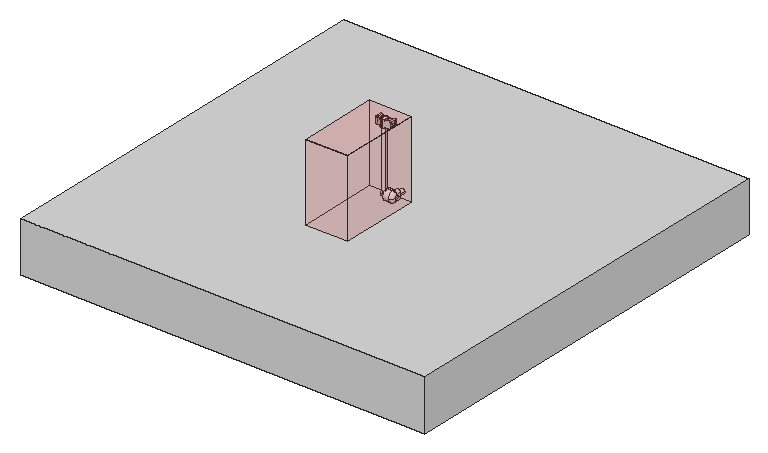
Revit family "Eyewash-Bradley_Corp-Wall_Drop_Down-S19274HWB", category Plumbing Fixtures, host Face, Revit 2022
Family settings
  Host = Face
  Round Connector Dimension = Use Radius
  Part Type = Normal
  OmniClass Number = 23.65.00.00
  OmniClass Title = Supply and Distribution of Liquids and Gases
  Cut with Voids When Loaded = No
  Maintain Annotation Orientation = No
  Shared = No
  Room Calculation Point = No
Parameters (values of type "S19274HWB")
  Width = 7 9/16"
  Waste Connection Radius = 5/8"
  Warranty Information = "Full, One-Year Warranty"
  WFU = 0
  Version = "1.0"
  URL = "http://www.bradleycorp.com/"
  Technical Data = "n/a"
  Specifications URL = "https://www.bradleycorp.com/mediamanager/view/20203/CSI-3-Part-Specification-Guideline-Section-224500.02.pdf"
  Product Tech Data URL - Spanish = "https://www.bradleycorp.com/mediamanager/view/11680/Bradley_EyeFaceWash_S19274HDB_HWB_JDB_JWB_Spanish.pdf"
  Product Tech Data URL - English = "https://www.bradleycorp.com/mediamanager/view/10525/Bradley_EyeFaceWash_S19274HDB_HWB_JDB_JWB.pdf"
  Product Page URL = "https://www.bradleycorp.com/product/barrier-free-wall-mount-swing-down-halo-eyewash"
  Percentage of Recycled Content = 0
  Navigator EFX8 Emergency Thermostatic Mixing Valve = no
  Mounting Height = 0"
  Modeling Code = ""
  Model = "S19274HWB"
  Material Note = "n/a"
  Material = ""
  MasterFormat Title = "Eye/Face Wash Equipment"
  MasterFormat Number = "22.45.26"
  Manufacturer Installation URL - English = "https://www.bradleycorp.com/mediamanager/view/10531/Barrier_Free_Swing-Down_Eyewash_and_Eye-Face_Wash_Units_Wall_and_Deck_Mount.pdf"
  Manufacturer = "Bradley Corporation"
  Length = 11"
  LEED Credit = ""
  Industry Standards = "ANSI Z358.1-2009, cUPC"
  Height = 7"
  Fire Rating = "n/a"
  Eyewash On [instance] = no
  Eyewash Off [instance] = yes
  Description = "Wall-Mount Swing-Down Halo Eyewash Unit"
  Default Elevation = 36"
  Copyright = "This Model Data is Property of Bradley Corporation"
  Cold Water Connection Radius = Cold Water Connection Diameter / 2  # 1/4"
  Cold Water Connection Diameter = 1/2"
  Fixture Material = Metal - Bradley Corp - Chrome
  Clearance Material [instance] = Clearance Space-Bradley Corp
  CWFU = 0
  Buy American Act = "TBD"
  Pipe Fitting Material = Metal - Bradley Corp - Chrome
  Barrier-Free = "No"
  Assembly Code = "D2010710"
Reference planes (in)
  plane 1 "Center (Front/Back)": y = 0
  plane 2: z = 0
  plane 3 "Center (Left/Right)": x = 0
  plane 4 "LEVER": x = 1.5
  plane 5 "Inlet": x = 2.25
  plane 6 "Eyewash_Head_Height": z = 2.375
  plane 7 "Valve_Center": z = 1.1875
  plane 8: z = 0
  plane 9: z = 0
  plane 10 "Head_Center_Off": z = 16.3125
  plane 11: y = 1.1875
  plane 12 "Head_Center": y = -15.125
  plane 13 "Center L/S": y = -17.125
Forms (in)
  Extrusion 1, solid, material "Default"
    sketch origin (0, 0, 0) x (1, 0, 0) y (0, 1, 0)
      loop
        line (-48, 48) -> (-48, -48) -> (48, -48) -> (48, 48) -> (-48, 48)
    from 0 to -12
  Extrusion 2, solid, material "Metal - Bradley Corp - Chrome" <- "Pipe Fitting Material", detail levels medium+fine
    sketch origin (0.11867, 31.09684, 3.58243) x (0, 0, 1) y (0, -1, 0)
      loop
        circle (-2.39493, 31.09684) r 1.1875
    from 0.54533 to 1.90933
  Extrusion 3, solid, material "Metal - Bradley Corp - Chrome" <- "Fixture Material"
    sketch origin (-0.625, 1.1875, 1.1875) x (-1, 0, 0) y (0, 0, -1)
      loop
        circle (-2.875, 0) r 0.4375
    from 0 to -1.41663
  Revolve 4, solid, material "Metal - Bradley Corp - Chrome" <- "Pipe Fitting Material", detail levels medium+fine
    sketch origin (0, 0, 1.1875) x (1, 0, 0) y (0, 1, 0)
      loop
        arc (2.028, -1.1875) -> (2.55833, -0.96783) -> (2.778, -0.4375) r 0.75
        line (2.778, -0.4375) -> (2.778, 0) -> (2.028, 0) -> (2.028, -1.1875)
      axis (2.028, 0) -> (2.778, 0)
    angle from 0 to 360
  Extrusion 5, solid, material "Metal - Bradley Corp - Chrome" <- "Pipe Fitting Material", detail levels medium+fine
    sketch origin (0, 0, 0) x (0, -1, 0) y (0, 0, 1)
      loop
        circle (0, 1.1875) r 0.47
    from -0.664 to 0.436
  Extrusion 6, solid, material "Metal - Bradley Corp - Chrome" <- "Fixture Material", visible <- "Eyewash Off"
    sketch origin (0, -1.25, 24.42356) x (1, 0, 0) y (0, 1, 0)
      loop
        circle (0, 1.25) r 0.375
    from -23.23606 to -8.11106
  Extrusion 7, void
    sketch origin (0, 1.1875, 1.1875) x (1, 0, 0) y (0, 0, 1)
      loop
        circle (2.25, 0) r 0.4375
    from -1.41663 to 0
  Extrusion 8, solid, material "Clearance Space-Bradley Corp" <- "Clearance Material"
    sketch origin (0, 8, -3.99956) x (1, 0, 0) y (0, 1, 0)
      loop
        line (-5, -6) -> (-5, -25.125) -> (5, -25.125) -> (5, -6) -> (-5, -6)
    from 3.99956 to 22.31206
  Extrusion 9, solid, material "Metal - Bradley Corp - Chrome" <- "Pipe Fitting Material"
    sketch origin (0, 1.1875, 1.1875) x (1, 0, 0) y (0, 0, 1)
      loop
        arc (2.778, 0.4375) -> (2.55833, 0.96783) -> (2.028, 1.1875) r 0.75
        line (2.028, 1.1875) -> (2.028, -1.1875)
        arc (2.028, -1.1875) -> (2.55833, -0.96783) -> (2.778, -0.4375) r 0.75
        line (2.778, -0.4375) -> (2.778, 0.4375)
    from 0 to 1.1875
  Extrusion 10, solid, material "Metal - Bradley Corp - Chrome" <- "Pipe Fitting Material", visible <- "Eyewash On"
    sketch origin (0, -14.6707, 0) x (0, 0, 1) y (1, 0, 0)
      loop
        circle (1.25, 0) r 0.375
    from -0.4543 to 14.6707
Cuts and joins
  joined: Extrusion 2, Revolve 4, Extrusion 5
Lines and regions (in)
  Masking region 1, visible <- "Eyewash Off", detail levels medium+fine
    outline origin (0, -10.6707, 0) x (0, 0, 1) y (1, 0, 0)
      loop
        line (15.49217, -0.375) -> (15.49217, 0.375) -> (1.6575, 0.375) -> (1.6575, -0.375) -> (15.49217, -0.375)
  Masking region 2, visible <- "Eyewash Off", detail levels medium+fine
    outline origin (0, -4.5, 14.6875) x (0, 0, 1) y (0, 1, 0)
      loop
        line (0.71279, 4.875) -> (-12.3125, 4.875) -> (-12.3125, 5.6875) -> (-14.6875, 5.6875) -> (-14.6875, 4.5)
        arc (-14.6875, 4.5) -> (-13.68995, 3.32779) -> (-12.37327, 4.125) r 1.1875
        line (-12.37327, 4.125) -> (0.71279, 4.125) -> (0.71279, 3.79831) -> (0.80467, 3.79831) -> (0.80467, 3.74459) -> (2.44533, 3.74459) -> (2.44533, 3.80265) -> (2.51478, 3.80265) -> (2.51478, 5.19735) -> (2.39597, 5.19735) -> (2.39597, 5.61127)
        spline (2.39597, 5.61127) -> (2.39501, 5.61453) -> (2.39394, 5.61762) -> (2.39275, 5.62053) -> (2.39145, 5.62327) -> (2.39004, 5.62583) -> (2.38852, 5.6282) -> (2.38689, 5.63039) -> (2.38515, 5.6324) -> (2.3833, 5.63422) -> (2.38135, 5.63585) -> (2.37929, 5.63729) -> (2.37713, 5.63853)
        arc (2.37713, 5.63853) -> (2.36115, 5.6413) -> (2.34496, 5.64223) r 0.14199
        line (2.34496, 5.64223) -> (0.89027, 5.64223)
        arc (0.89027, 5.64223) -> (0.87407, 5.6413) -> (0.85809, 5.63853) r 0.14199
        spline (0.85809, 5.63853) -> (0.85593, 5.63729) -> (0.85388, 5.63585) -> (0.85192, 5.63422) -> (0.85008, 5.6324) -> (0.84834, 5.63039) -> (0.84671, 5.6282) -> (0.84518, 5.62583) -> (0.84377, 5.62327) -> (0.84247, 5.62053) -> (0.84129, 5.61762) -> (0.84022, 5.61453) -> (0.83926, 5.61127)
        line (0.83926, 5.61127) -> (0.83926, 5.25005) -> (0.80467, 5.25005) -> (0.80467, 5.19735) -> (0.71279, 5.19735) -> (0.71279, 4.875)
  Masking region 3, visible <- "Eyewash On", detail levels medium+fine
    outline origin (0, 0, 0) x (1, 0, 0) y (0, 1, 0)
      loop
        line (0.375, -0.47) -> (0.664, -0.47) -> (0.664, -1.1875) -> (2.028, -1.1875)
        arc (2.028, -1.1875) -> (2.55833, -0.96783) -> (2.778, -0.4375) r 0.75
        line (2.778, -0.4375) -> (2.778, 0.4375)
        arc (2.778, 0.4375) -> (2.55833, 0.96783) -> (2.028, 1.1875) r 0.75
        line (2.028, 1.1875) -> (0.664, 1.1875) -> (0.664, 0.47) -> (-0.436, 0.47) -> (-0.436, -0.47) -> (-0.375, -0.47) -> (-0.375, -14.21279) -> (0.375, -14.21279) -> (0.375, -0.47)
  Masking region 4, visible <- "Eyewash Off", detail levels medium+fine
    outline origin (0, 0, 0) x (1, 0, 0) y (0, 1, 0)
      loop
        arc (2.778, 0.4375) -> (2.55833, 0.96783) -> (2.028, 1.1875) r 0.75
        line (2.028, 1.1875) -> (0.664, 1.1875) -> (0.664, 0.77113)
        arc (0.664, 0.77113) -> (1.10761, 0.90743) -> (1.52516, 1.10997) r 3.02503
        arc (1.52516, 1.10997) -> (1.76267, 1.11055) -> (1.88093, 0.90457) r 0.23652
        line (1.88093, 0.90457) -> (1.95484, 0.30264) -> (1.95484, 0.02159)
        arc (1.95484, 0.02159) -> (1.86417, -0.11372) -> (1.71955, -0.18866) r 0.32765
        line (1.71955, -0.18866) -> (0.664, -0.57285) -> (0.664, -1.1875) -> (2.028, -1.1875)
        arc (2.028, -1.1875) -> (2.55833, -0.96783) -> (2.778, -0.4375) r 0.75
        line (2.778, -0.4375) -> (2.778, 0.4375)
  Masking region 5, visible <- "Eyewash Off", detail levels medium+fine
    outline origin (0, -10.6707, 0) x (0, 0, 1) y (1, 0, 0)
      loop
        line (1.6575, 0.664) -> (2.375, 0.664) -> (2.375, 2.028)
        arc (2.375, 2.028) -> (2.15533, 2.55833) -> (1.625, 2.778) r 0.75
        line (1.625, 2.778) -> (0, 2.778) -> (0, 0.664) -> (0.7175, 0.664) -> (0.7175, -0.436) -> (1.6575, -0.436) -> (1.6575, 0.664)
  Masking region 6, visible <- "Eyewash On", detail levels medium+fine
    outline origin (0, -10.6707, 0) x (0, 0, 1) y (1, 0, 0)
      loop
        arc (2.375, 2.028) -> (2.15533, 2.55833) -> (1.625, 2.778) r 0.75
        line (1.625, 2.778) -> (0, 2.778) -> (0, 0.664) -> (0.65993, 0.664) -> (1.04412, 1.71955)
        arc (1.04412, 1.71955) -> (1.12019, 1.86543) -> (1.25757, 1.95595) r 0.32765
        line (1.25757, 1.95595) -> (1.52635, 1.95595) -> (2.13734, 1.88093)
        arc (2.13734, 1.88093) -> (2.34332, 1.76267) -> (2.34275, 1.52516) r 0.23652
        arc (2.34275, 1.52516) -> (2.1402, 1.10761) -> (2.0039, 0.664) r 3.02503
        line (2.0039, 0.664) -> (2.375, 0.664) -> (2.375, 2.028)
  Masking region 7, visible <- "Eyewash On", detail levels medium+fine
    outline origin (0, -10.6707, 0) x (0, 0, 1) y (1, 0, 0)
      loop
        arc (1.93013, 0) -> (2.0351, 0.79) -> (2.34275, 1.52516) r 3.02503
        arc (2.34275, 1.52516) -> (2.34332, 1.76267) -> (2.13734, 1.88093) r 0.23652
        line (2.13734, 1.88093) -> (1.52635, 1.95595) -> (1.25757, 1.95595)
        arc (1.25757, 1.95595) -> (1.12019, 1.86543) -> (1.04412, 1.71955) r 0.32765
        line (1.04412, 1.71955) -> (0.53109, 0.31002)
        arc (0.53109, 0.31002) -> (0.49043, 0.1574) -> (0.47737, 0) r 0.89106
        arc (0.47737, 0) -> (0.49043, -0.1574) -> (0.53109, -0.31002) r 0.89106
        line (0.53109, -0.31002) -> (1.04412, -1.71955)
        arc (1.04412, -1.71955) -> (1.12019, -1.86543) -> (1.25757, -1.95595) r 0.32765
        line (1.25757, -1.95595) -> (1.52635, -1.95595) -> (2.13734, -1.88093)
        arc (2.13734, -1.88093) -> (2.34332, -1.76267) -> (2.34275, -1.52516) r 0.23652
        arc (2.34275, -1.52516) -> (2.0351, -0.79) -> (1.93013, 0) r 3.02503
  Masking region 8, visible <- "Eyewash Off", detail levels medium+fine
    outline origin (0, 0, 0) x (1, 0, 0) y (0, 1, 0)
      loop
        arc (0, 0.69735) -> (-0.79, 0.80233) -> (-1.52516, 1.10997) r 3.02503
        arc (-1.52516, 1.10997) -> (-1.76267, 1.11055) -> (-1.88093, 0.90457) r 0.23652
        line (-1.88093, 0.90457) -> (-1.95595, 0.29358) -> (-1.95595, 0.0248)
        arc (-1.95595, 0.0248) -> (-1.86543, -0.11258) -> (-1.71955, -0.18866) r 0.32765
        line (-1.71955, -0.18866) -> (-0.31002, -0.70169)
        arc (-0.31002, -0.70169) -> (-0.1574, -0.74234) -> (0, -0.75541) r 0.89106
        arc (0, -0.75541) -> (0.1574, -0.74234) -> (0.31002, -0.70169) r 0.89106
        line (0.31002, -0.70169) -> (1.71955, -0.18866)
        arc (1.71955, -0.18866) -> (1.86417, -0.11372) -> (1.95484, 0.02159) r 0.32765
        line (1.95484, 0.02159) -> (1.95484, 0.30264) -> (1.88093, 0.90457)
        arc (1.88093, 0.90457) -> (1.76267, 1.11055) -> (1.52516, 1.10997) r 0.23652
        arc (1.52516, 1.10997) -> (0.79, 0.80233) -> (0, 0.69735) r 3.02503
  Masking region 9, visible <- "Eyewash On", detail levels medium+fine
    outline origin (0, -13.5, -3.25) x (0, -1, 0) y (0, 0, 1)
      loop
        line (0.71279, 4.875) -> (-12.39603, 4.875)
        arc (-12.39603, 4.875) -> (-12.83268, 5.41976) -> (-13.5, 5.625) r 1.1875
        line (-13.5, 5.625) -> (-14.6875, 5.625) -> (-14.6875, 3.25) -> (-13.5, 3.25)
        arc (-13.5, 3.25) -> (-12.77921, 3.49377) -> (-12.35436, 4.125) r 1.1875
        line (-12.35436, 4.125) -> (0.71279, 4.125) -> (0.71279, 3.78542) -> (0.80467, 3.78542) -> (0.80467, 3.72737) -> (2.44533, 3.72737) -> (2.44533, 3.78109) -> (2.51478, 3.78109) -> (2.51478, 5.18013) -> (2.44533, 5.18013) -> (2.44533, 5.23283) -> (2.39597, 5.23283) -> (2.39597, 5.5888)
        spline (2.39597, 5.5888) -> (2.39565, 5.59211) -> (2.39519, 5.59526) -> (2.39459, 5.59824) -> (2.39386, 5.60105) -> (2.39298, 5.60368) -> (2.39198, 5.60614) -> (2.39084, 5.60841) -> (2.38956, 5.6105) -> (2.38815, 5.61241) -> (2.38661, 5.61414) -> (2.38494, 5.61568) -> (2.38314, 5.61702)
        arc (2.38314, 5.61702) -> (2.36718, 5.62298) -> (2.35026, 5.625) r 0.07178
        line (2.35026, 5.625) -> (0.8846, 5.625)
        arc (0.8846, 5.625) -> (0.86768, 5.62298) -> (0.85172, 5.61702) r 0.07178
        spline (0.85172, 5.61702) -> (0.84992, 5.61568) -> (0.84825, 5.61414) -> (0.84671, 5.61241) -> (0.8453, 5.6105) -> (0.84402, 5.60841) -> (0.84288, 5.60614) -> (0.84187, 5.60368) -> (0.841, 5.60105) -> (0.84027, 5.59824) -> (0.83967, 5.59526) -> (0.83921, 5.59211) -> (0.83889, 5.5888)
        line (0.83889, 5.5888) -> (0.83889, 5.23283) -> (0.80467, 5.23283) -> (0.80467, 5.18013) -> (0.71279, 5.18013) -> (0.71279, 4.875)
  Masking region 10, visible <- "Eyewash On", detail levels medium+fine
    outline origin (0, 0, 0) x (1, 0, 0) y (0, 1, 0)
      loop
        line (0.56219, -14.30467) -> (-0.56219, -14.30467)
        arc (-0.56219, -14.30467) -> (-0.61858, -14.40716) -> (-0.73417, -14.42509) r 0.13255
        line (-0.73417, -14.42509) -> (-1.42153, -14.34069)
        arc (-1.42153, -14.34069) -> (-1.64387, -14.36603) -> (-1.83048, -14.48954) r 0.4793
        arc (-1.83048, -14.48954) -> (-1.95658, -15.11797) -> (-1.82922, -15.74615) r 1.62089
        arc (-1.82922, -15.74615) -> (-1.64301, -15.86863) -> (-1.42153, -15.89365) r 0.4793
        line (-1.42153, -15.89365) -> (-0.73417, -15.80925)
        arc (-0.73417, -15.80925) -> (-0.6123, -15.83186) -> (-0.5624, -15.94533) r 0.13255
        line (-0.5624, -15.94533) -> (0.5624, -15.94533)
        arc (0.5624, -15.94533) -> (0.6123, -15.83186) -> (0.73417, -15.80925) r 0.13255
        line (0.73417, -15.80925) -> (1.42153, -15.89365)
        arc (1.42153, -15.89365) -> (1.64301, -15.86863) -> (1.82922, -15.74615) r 0.4793
        arc (1.82922, -15.74615) -> (1.95658, -15.11797) -> (1.83048, -14.48954) r 1.62089
        arc (1.83048, -14.48954) -> (1.64387, -14.36603) -> (1.42153, -14.34069) r 0.4793
        line (1.42153, -14.34069) -> (0.73417, -14.42509)
        arc (0.73417, -14.42509) -> (0.61858, -14.40716) -> (0.56219, -14.30467) r 0.13255
  Masking region 11, visible <- "Eyewash Off", detail levels medium+fine
    outline origin (0, -10.6707, 0) x (0, 0, 1) y (1, 0, 0)
      loop
        arc (16.99675, -0.73417) -> (17.01936, -0.6123) -> (17.13283, -0.5624) r 0.13255
        line (17.13283, -0.5624) -> (17.13283, 0.5624)
        arc (17.13283, 0.5624) -> (17.01936, 0.6123) -> (16.99675, 0.73417) r 0.13255
        line (16.99675, 0.73417) -> (17.08115, 1.42153)
        arc (17.08115, 1.42153) -> (17.05613, 1.64301) -> (16.93365, 1.82922) r 0.4793
        arc (16.93365, 1.82922) -> (16.30547, 1.95658) -> (15.67704, 1.83048) r 1.62089
        arc (15.67704, 1.83048) -> (15.55353, 1.64387) -> (15.52819, 1.42153) r 0.4793
        line (15.52819, 1.42153) -> (15.61259, 0.73417)
        arc (15.61259, 0.73417) -> (15.59466, 0.61858) -> (15.49217, 0.56219) r 0.13255
        line (15.49217, 0.56219) -> (15.49217, -0.56219)
        arc (15.49217, -0.56219) -> (15.59466, -0.61858) -> (15.61259, -0.73417) r 0.13255
        line (15.61259, -0.73417) -> (15.52819, -1.42153)
        arc (15.52819, -1.42153) -> (15.55353, -1.64387) -> (15.67704, -1.83048) r 0.4793
        arc (15.67704, -1.83048) -> (16.30547, -1.95658) -> (16.93365, -1.82922) r 1.62089
        arc (16.93365, -1.82922) -> (17.05613, -1.64301) -> (17.08115, -1.42153) r 0.4793
        line (17.08115, -1.42153) -> (16.99675, -0.73417)
  symbolic lines, visible <- "Eyewash Off", detail levels coarse
    curve 1: line (0, -10.6707, 16.3125) -> (0, -10.6707, 1.25)
    curve 4: line (1.94635, 0, 0) -> (-1.94635, 0, 0)
    curve 33: line (0, 0, 16.3125) -> (0, 1.14223, 16.3125)
    curve 43: line (-1.52516, 1.10997, 0) -> (1.52516, 1.10997, 0)
    curve 78: line (-1.95658, -10.6707, 16.3125) -> (1.95595, -10.6707, 16.3125)
  symbolic lines, visible <- "Eyewash On", detail levels coarse
    curve 2: line (0, -15.125, 0) -> (0, 0, 0)
    curve 11: line (0, -10.6707, 1.25) -> (2.25, -10.6707, 1.25)
    curve 45: line (-1.52493, -10.6707, 2.3433) -> (1.52611, -10.6707, 2.3433)
    curve 46: line (0.00059, -10.6707, 2.3433) -> (0.00059, -10.6707, 1.25)
    curve 47: line (0, 0, 1.1875) -> (0, -16.01478, 1.1875)
    curve 68: line (0, -15.125, 1.1875) -> (0, -15.125, 2.375)
    curve 69: line (-1.95658, -15.125, 0) -> (1.95595, -15.125, 0)
  symbolic lines, detail levels coarse
    curve 3: line (0, 0, 0) -> (2.875, 0, 0)
    curve 12: line (2.25, -10.6707, 1.25) -> (2.25, -10.6707, 0)
  symbolic lines, detail levels medium+fine
    curve 5: arc (0, -1.10397, 1.625) -> (0, -1.16643, 1.4102) -> (0, -1.1875, 1.1875) r 1.1875
    curve 6: line (0, -1.1875, 1.1875) -> (0, -1.1875, 0.875)
  symbolic lines, visible <- "Eyewash On", detail levels medium+fine
    curve 7: line (2.028, 1.1875, 0) -> (2.028, -1.1875, 0)
    curve 34: arc (0.69735, -10.6707, 1.23277) -> (0, -10.6707, 1.93013) -> (-0.69735, -10.6707, 1.23277) r 0.69735
    curve 35: arc (-0.69735, -10.6707, 1.23277) -> (0, -10.6707, 0.53542) -> (0.69735, -10.6707, 1.23277) r 0.69735
    curve 36: arc (0.50849, -10.6707, 1.23277) -> (0, -10.6707, 0.72428) -> (-0.50849, -10.6707, 1.23277) r 0.50849
    curve 37: arc (-0.50849, -10.6707, 1.23277) -> (0, -10.6707, 1.74126) -> (0.50849, -10.6707, 1.23277) r 0.50849
    curve 48: spline (0, -15.89597, 2.34404) -> (0, -15.89129, 2.35635) -> (0, -15.88472, 2.36562) -> (0, -15.87635, 2.3717) -> (0, -15.86629, 2.37452) -> (0, -15.85468, 2.37404) -> (0, -15.84168, 2.37026) -> (0, -15.82748, 2.36324) -> (0, -15.81226, 2.35307) -> (0, -15.79625, 2.33989) -> (0, -15.77967, 2.3239) -> (0, -15.76274, 2.3053) -> (0, -15.7457, 2.28437)
    curve 49: spline (0, -15.7457, 2.28437) -> (0, -15.72962, 2.27864) -> (0, -15.71401, 2.27149) -> (0, -15.69898, 2.26298) -> (0, -15.68464, 2.25317) -> (0, -15.67108, 2.24211) -> (0, -15.6584, 2.22989) -> (0, -15.64669, 2.21659) -> (0, -15.63602, 2.2023) -> (0, -15.62647, 2.18713) -> (0, -15.6181, 2.17117) -> (0, -15.61098, 2.15454) -> (0, -15.60515, 2.13734)
    curve 50: line (0, -15.60515, 2.13734) -> (0, -14.62695, 2.13734)
    curve 51: spline (0, -14.62695, 2.13734) -> (0, -14.62027, 2.15411) -> (0, -14.6125, 2.17036) -> (0, -14.60369, 2.18599) -> (0, -14.5939, 2.20091) -> (0, -14.58318, 2.21503) -> (0, -14.5716, 2.22826) -> (0, -14.55923, 2.24053) -> (0, -14.54614, 2.25176) -> (0, -14.53241, 2.26188) -> (0, -14.51813, 2.27082) -> (0, -14.50338, 2.27855) -> (0, -14.48826, 2.285)
    curve 52: spline (0, -14.48826, 2.285) -> (0, -14.47059, 2.30547) -> (0, -14.45315, 2.32366) -> (0, -14.43617, 2.33932) -> (0, -14.41989, 2.35223) -> (0, -14.40453, 2.36222) -> (0, -14.3903, 2.36914) -> (0, -14.3774, 2.3729) -> (0, -14.36601, 2.37345) -> (0, -14.35629, 2.37077) -> (0, -14.34836, 2.36492) -> (0, -14.34235, 2.35596) -> (0, -14.33832, 2.34403)
    curve 53: spline (0, -15.80887, 0.68433) -> (0, -15.80415, 0.67699) -> (0, -15.80284, 0.66949) -> (0, -15.80497, 0.66201) -> (0, -15.81049, 0.65474) -> (0, -15.81926, 0.64784) -> (0, -15.83107, 0.64151) -> (0, -15.84563, 0.63588) -> (0, -15.86258, 0.63109) -> (0, -15.88151, 0.62728) -> (0, -15.90195, 0.62452) -> (0, -15.9234, 0.62288) -> (0, -15.94533, 0.62241)
    curve 54: line (0, -15.89365, 0.93565) -> (0, -15.80887, 0.68433)
    curve 55: spline (0, -15.83309, 1.04409) -> (0, -15.84542, 1.03575) -> (0, -15.8565, 1.02721) -> (0, -15.86629, 1.01849) -> (0, -15.87478, 1.00961) -> (0, -15.88193, 1.00059) -> (0, -15.88774, 0.99146) -> (0, -15.89218, 0.98224) -> (0, -15.89524, 0.97296) -> (0, -15.89692, 0.96363) -> (0, -15.89721, 0.95429) -> (0, -15.89612, 0.94495) -> (0, -15.89364, 0.93565)
    curve 56: spline (0, -15.74615, 1.09184) -> (0, -15.75437, 1.08673) -> (0, -15.76244, 1.08181) -> (0, -15.77035, 1.07709) -> (0, -15.77809, 1.07256) -> (0, -15.78565, 1.06825) -> (0, -15.79303, 1.06414) -> (0, -15.80022, 1.06025) -> (0, -15.80721, 1.05657) -> (0, -15.814, 1.05311) -> (0, -15.82058, 1.04988) -> (0, -15.82695, 1.04687) -> (0, -15.83309, 1.04409)
    curve 57: line (0, -14.48954, 1.09269) -> (0, -15.74615, 1.09184)
    curve 58: spline (0, -14.40126, 1.0441) -> (0, -14.40766, 1.04674) -> (0, -14.41425, 1.04964) -> (0, -14.42104, 1.05281) -> (0, -14.428, 1.05624) -> (0, -14.43515, 1.05994) -> (0, -14.44246, 1.06388) -> (0, -14.44994, 1.06808) -> (0, -14.45758, 1.07252) -> (0, -14.46536, 1.07721) -> (0, -14.47329, 1.08214) -> (0, -14.48135, 1.0873) -> (0, -14.48954, 1.09269)
    curve 59: spline (0, -14.34071, 0.93565) -> (0, -14.33823, 0.94495) -> (0, -14.33713, 0.95429) -> (0, -14.33742, 0.96363) -> (0, -14.3391, 0.97296) -> (0, -14.34217, 0.98224) -> (0, -14.34661, 0.99146) -> (0, -14.35242, 1.0006) -> (0, -14.35957, 1.00961) -> (0, -14.36806, 1.0185) -> (0, -14.37785, 1.02722) -> (0, -14.38893, 1.03576) -> (0, -14.40126, 1.0441)
    curve 60: line (0, -14.42547, 0.68433) -> (0, -14.34069, 0.93565)
    curve 61: spline (0, -14.30474, 0.62263) -> (0, -14.32511, 0.62382) -> (0, -14.34474, 0.62603) -> (0, -14.36321, 0.6292) -> (0, -14.38012, 0.63326) -> (0, -14.3951, 0.63813) -> (0, -14.40783, 0.6437) -> (0, -14.41803, 0.64985) -> (0, -14.42547, 0.65644) -> (0, -14.43001, 0.66334) -> (0, -14.43153, 0.67039) -> (0, -14.43001, 0.67744) -> (0, -14.42547, 0.68433)
    curve 62: spline (0, -14.30474, 0.62263) -> (0, -14.32537, 0.62385) -> (0, -14.34524, 0.6261) -> (0, -14.36391, 0.62934) -> (0, -14.38096, 0.6335) -> (0, -14.39601, 0.63848) -> (0, -14.40873, 0.64417) -> (0, -14.41883, 0.65044) -> (0, -14.42609, 0.65716) -> (0, -14.43035, 0.66417) -> (0, -14.4315, 0.67132) -> (0, -14.42953, 0.67845) -> (0, -14.42449, 0.6854)
    curve 63: line (0, -15.94533, 0.62241) -> (0, -15.94533, 0.53542)
    curve 64: line (0, -14.30474, 0.62263) -> (0, -14.30474, 0.531)
    curve 65: line (0, -14.21279, 0.85777) -> (0, -14.21279, 1.60777)
    curve 66: line (0, -14.33832, 2.34403) -> (0, -14.33832, 1.93013)
    curve 67: line (0, -14.30467, 1.93013) -> (0, -14.33832, 1.93013)
    curve 70: line (-0.56193, -14.30469, 0) -> (-0.56193, -15.94533, 0)
    curve 71: line (0.5624, -15.94533, 0) -> (0.5624, -14.30467, 0)
  symbolic lines, visible <- "Eyewash Off", detail levels medium+fine
    curve 8: arc (0, 0, 2.375) -> (0, -0.18995, 2.35971) -> (0, -0.375, 2.31423) r 1.1875
    curve 13: spline (0, 1.11127, 17.08347) -> (0, 1.12358, 17.07879) -> (0, 1.13284, 17.07222) -> (0, 1.13893, 17.06385) -> (0, 1.14175, 17.05379) -> (0, 1.14126, 17.04218) -> (0, 1.13749, 17.02918) -> (0, 1.13046, 17.01498) -> (0, 1.12029, 16.99976) -> (0, 1.10712, 16.98375) -> (0, 1.09112, 16.96717) -> (0, 1.07253, 16.95024) -> (0, 1.05159, 16.9332)
    curve 14: spline (0, 1.05159, 16.9332) -> (0, 1.04586, 16.91712) -> (0, 1.03872, 16.90151) -> (0, 1.03021, 16.88648) -> (0, 1.02039, 16.87214) -> (0, 1.00934, 16.85858) -> (0, 0.99712, 16.8459) -> (0, 0.98382, 16.83419) -> (0, 0.96953, 16.82352) -> (0, 0.95436, 16.81397) -> (0, 0.9384, 16.8056) -> (0, 0.92176, 16.79848) -> (0, 0.90457, 16.79265)
    curve 15: line (0, 0.90457, 16.79265) -> (0, 0.90457, 15.81445)
    curve 16: spline (0, 0.90457, 15.81445) -> (0, 0.92134, 15.80777) -> (0, 0.93758, 15.8) -> (0, 0.95321, 15.79119) -> (0, 0.96814, 15.7814) -> (0, 0.98226, 15.77068) -> (0, 0.99549, 15.7591) -> (0, 1.00776, 15.74673) -> (0, 1.01899, 15.73364) -> (0, 1.0291, 15.71991) -> (0, 1.03805, 15.70563) -> (0, 1.04577, 15.69088) -> (0, 1.05223, 15.67576)
    curve 17: spline (0, 1.05223, 15.67576) -> (0, 1.0727, 15.65809) -> (0, 1.09089, 15.64065) -> (0, 1.10655, 15.62367) -> (0, 1.11946, 15.60739) -> (0, 1.12944, 15.59203) -> (0, 1.13636, 15.5778) -> (0, 1.14013, 15.5649) -> (0, 1.14067, 15.55351) -> (0, 1.138, 15.54379) -> (0, 1.13215, 15.53586) -> (0, 1.12319, 15.52985) -> (0, 1.11126, 15.52582)
    curve 18: spline (0, -0.54844, 16.99637) -> (0, -0.55578, 16.99165) -> (0, -0.56328, 16.99034) -> (0, -0.57076, 16.99247) -> (0, -0.57804, 16.99799) -> (0, -0.58493, 17.00676) -> (0, -0.59127, 17.01857) -> (0, -0.5969, 17.03313) -> (0, -0.60168, 17.05008) -> (0, -0.6055, 17.06901) -> (0, -0.60826, 17.08945) -> (0, -0.60989, 17.1109) -> (0, -0.61036, 17.13283)
    curve 19: line (0, -0.29713, 17.08115) -> (0, -0.54844, 16.99637)
    curve 20: spline (0, -0.18868, 17.02059) -> (0, -0.19702, 17.03292) -> (0, -0.20556, 17.044) -> (0, -0.21428, 17.05379) -> (0, -0.22317, 17.06228) -> (0, -0.23218, 17.06943) -> (0, -0.24131, 17.07524) -> (0, -0.25053, 17.07968) -> (0, -0.25982, 17.08274) -> (0, -0.26914, 17.08442) -> (0, -0.27849, 17.08471) -> (0, -0.28782, 17.08362) -> (0, -0.29713, 17.08114)
    curve 21: spline (0, -0.14093, 16.93365) -> (0, -0.14605, 16.94187) -> (0, -0.15097, 16.94994) -> (0, -0.15569, 16.95785) -> (0, -0.16021, 16.96559) -> (0, -0.16452, 16.97315) -> (0, -0.16863, 16.98053) -> (0, -0.17253, 16.98772) -> (0, -0.1762, 16.99471) -> (0, -0.17966, 17.0015) -> (0, -0.18289, 17.00808) -> (0, -0.1859, 17.01445) -> (0, -0.18868, 17.02059)
    curve 22: line (0, -0.14008, 15.67704) -> (0, -0.14093, 16.93365)
    curve 23: spline (0, -0.18868, 15.58876) -> (0, -0.18604, 15.59516) -> (0, -0.18313, 15.60175) -> (0, -0.17996, 15.60854) -> (0, -0.17653, 15.6155) -> (0, -0.17284, 15.62265) -> (0, -0.16889, 15.62996) -> (0, -0.16469, 15.63744) -> (0, -0.16025, 15.64508) -> (0, -0.15556, 15.65286) -> (0, -0.15063, 15.66079) -> (0, -0.14547, 15.66885) -> (0, -0.14008, 15.67704)
    curve 24: spline (0, -0.29713, 15.52821) -> (0, -0.28782, 15.52573) -> (0, -0.27848, 15.52463) -> (0, -0.26914, 15.52492) -> (0, -0.25981, 15.5266) -> (0, -0.25053, 15.52967) -> (0, -0.24131, 15.53411) -> (0, -0.23218, 15.53992) -> (0, -0.22316, 15.54707) -> (0, -0.21428, 15.55556) -> (0, -0.20555, 15.56535) -> (0, -0.19701, 15.57643) -> (0, -0.18868, 15.58876)
    curve 25: line (0, -0.54844, 15.61297) -> (0, -0.29713, 15.52819)
    curve 26: spline (0, -0.61015, 15.49224) -> (0, -0.60895, 15.51261) -> (0, -0.60674, 15.53224) -> (0, -0.60357, 15.55071) -> (0, -0.59951, 15.56762) -> (0, -0.59464, 15.5826) -> (0, -0.58907, 15.59533) -> (0, -0.58292, 15.60553) -> (0, -0.57633, 15.61297) -> (0, -0.56943, 15.61751) -> (0, -0.56239, 15.61903) -> (0, -0.55534, 15.61751) -> (0, -0.54844, 15.61297)
    curve 27: spline (0, -0.61015, 15.49224) -> (0, -0.60893, 15.51287) -> (0, -0.60667, 15.53274) -> (0, -0.60343, 15.55141) -> (0, -0.59927, 15.56846) -> (0, -0.59429, 15.58351) -> (0, -0.58861, 15.59623) -> (0, -0.58233, 15.60633) -> (0, -0.57562, 15.61359) -> (0, -0.5686, 15.61785) -> (0, -0.56145, 15.619) -> (0, -0.55432, 15.61703) -> (0, -0.54738, 15.61199)
    curve 28: line (0, -0.61036, 17.13283) -> (0, -0.69735, 17.13283)
    curve 29: line (0, -0.61015, 15.49224) -> (0, -0.70178, 15.49224)
    curve 30: line (0, -0.375, 15.40029) -> (0, 0.375, 15.40029)
    curve 31: line (0, 1.11126, 15.52582) -> (0, 0.69735, 15.52582)
    curve 32: line (0, 0.69735, 15.49217) -> (0, 0.69735, 15.52582)
    curve 39: arc (0.69735, 0, 0) -> (0, 0.69735, 0) -> (-0.69735, 0, 0) r 0.69735
    curve 40: arc (-0.69735, 0, 0) -> (0, -0.69735, 0) -> (0.69735, 0, 0) r 0.69735
    curve 41: arc (0.50849, 0, 0) -> (0, -0.50849, 0) -> (-0.50849, 0, 0) r 0.50849
    curve 42: arc (-0.50849, 0, 0) -> (0, 0.50849, 0) -> (0.50849, 0, 0) r 0.50849
    curve 72: arc (-0.5624, -10.6707, 17.13283) -> (-0.6123, -10.6707, 17.01936) -> (-0.73417, -10.6707, 16.99675) r 0.13255
    curve 73: line (-0.5624, -10.6707, 17.13283) -> (0.5624, -10.6707, 17.13283)
    curve 74: arc (0.73417, -10.6707, 16.99675) -> (0.6123, -10.6707, 17.01936) -> (0.5624, -10.6707, 17.13283) r 0.13255
    curve 75: arc (-0.73417, -10.6707, 15.61259) -> (-0.61858, -10.6707, 15.59466) -> (-0.56219, -10.6707, 15.49217) r 0.13255
    curve 76: line (0.56219, -10.6707, 15.49217) -> (-0.56219, -10.6707, 15.49217)
    curve 77: arc (0.56219, -10.6707, 15.49217) -> (0.61858, -10.6707, 15.59466) -> (0.73417, -10.6707, 15.61259) r 0.13255
    curve 79: line (-0.5624, -10.6707, 17.13283) -> (-0.5624, -10.6707, 15.49217)
    curve 80: line (0.56219, -10.6707, 15.49217) -> (0.56219, -10.6707, 17.13283)
  symbolic lines, not visible, detail levels coarse
    curve 9: line (0, 0, 1.1875) -> (0, 0, 16.3125)
    curve 44: line (0, 1.10997, 0) -> (0, 0, 0)
  symbolic lines, not visible, detail levels medium+fine
    curve 10: line (2.028, -1.1875, 0) -> (2.028, 1.1875, 0)
    curve 38: line (0.664, -10.6707, 1.6575) -> (0.664, -10.6707, 0.7175)
Dimensions and locks (in)
  locked: plane 3 "Center (Left/Right)" to plane 5 "Inlet" at 2.25
  plane 6 "Eyewash_Head_Height" to Extrusion 1 = 2 3/8"
  locked: plane 3 "Center (Left/Right)" to Extrusion 2 at 0.664
  plane 10 "Head_Center_Off" to plane 7 "Valve_Center" = 15 1/8"
  Extrusion 8 to plane 10 "Head_Center_Off" = 2"
  plane 12 "Head_Center" to plane 1 "Center (Front/Back)" = 15 1/8"
  Extrusion 8 to plane 12 "Head_Center" = 2"
  aligned and locked: plane 2 to Extrusion 1
  aligned and locked: level to Extrusion 1
  aligned and locked: Extrusion 5 to cut or joined group of Extrusion 2, Revolve 4, Extrusion 5
  aligned and locked: plane 1 "Center (Front/Back)" to Extrusion 6
  aligned and locked: Masking region 1 to Masking region 5
  aligned and locked: plane 10 "Head_Center_Off" to nested 1
  aligned and locked: nested 1 to plane 1 "Center (Front/Back)"
  aligned and locked: plane 9 to level
  aligned and locked: plane 12 "Head_Center" to Extrusion 10
  aligned and locked: plane 12 "Head_Center" to nested 2
  aligned and locked: Extrusion 10 to plane 1 "Center (Front/Back)"
  aligned and locked: plane 13 "Center L/S" to Extrusion 8
  aligned and locked: plane 7 "Valve_Center" to Extrusion 6
  aligned and locked: curve 47 to plane 7 "Valve_Center"
  aligned and locked: Masking region 3 sketch curve to nested 2
Nested families (in)
  nested 1: "halo_eye_wash" at (0, 0, 16.3125) x (1, 0, 0) z (0, 1, 0), visible <- "Eyewash Off", type "halo_eye_wash"
  nested 2: "halo_eye_wash" at (0, -15.125, 1.23277), visible <- "Eyewash On", type "halo_eye_wash"
Connectors (in)
  piping at (2.25, 2.60413, 1.1875), diameter 0.5, driven by "Cold Water Connection Radius"
    settings: on Extrusion 3, index 1, connector inside diameter 1/2", connector length 0", flow factor 0, pipe flow 0 GPM, pressure drop 0.00 psi, fitting loss kfactor 0, connector angle 0.00°, fixture units 0, engagement length 0", angle of deflection 0.00°, flow configuration 0, flow direction 1, fitting loss method 0, system type 20, joint type 0, gender type 0, connector reference index -1, connector utility 0, adjustable connector no, is connector primary yes, connector description ""
Definition of nested family "halo_eye_wash"
  Parameters
    Yellow BradTec = none
    Default Elevation = 48"
    Chrome-plated red brass = none
    Assembly Code = ""
  Reference planes (in)
    plane 1 "Center (Front/Back)": y = 0
    plane 2: z = 0
    plane 3 "Center (Left/Right)": x = 0
  Forms (in)
    Extrusion 1, solid
      sketch origin (0, 0.75783, 0) x (1, 0, 0) y (0, 0, 1)
        loop
          arc (0, 0.69735) -> (-0.79, 0.80233) -> (-1.52516, 1.10997) r 3.02503
          arc (-1.52516, 1.10997) -> (-1.76267, 1.11055) -> (-1.88093, 0.90457) r 0.23652
          line (-1.88093, 0.90457) -> (-1.97106, 0.17053)
          arc (-1.97106, 0.17053) -> (-1.91425, -0.05734) -> (-1.71955, -0.18866) r 0.32765
          line (-1.71955, -0.18866) -> (-0.31002, -0.70169)
          arc (-0.31002, -0.70169) -> (-0.1574, -0.74234) -> (0, -0.75541) r 0.89106
          arc (0, -0.75541) -> (0.1574, -0.74234) -> (0.31002, -0.70169) r 0.89106
          line (0.31002, -0.70169) -> (1.71955, -0.18866)
          arc (1.71955, -0.18866) -> (1.91425, -0.05734) -> (1.97106, 0.17053) r 0.32765
          line (1.97106, 0.17053) -> (1.88093, 0.90457)
          arc (1.88093, 0.90457) -> (1.76267, 1.11055) -> (1.52516, 1.10997) r 0.23652
          arc (1.52516, 1.10997) -> (0.79, 0.80233) -> (0, 0.69735) r 3.02503
      from -0.0625 to 1.57816
    Extrusion 2, void
      sketch origin (0, 0.82033, 0) x (1, 0, 0) y (0, 1, 0)
        loop
          line (-0.56219, 0) -> (-0.56219, 0.28872) -> (-2.45749, 0.28872) -> (-2.45749, -1.84698) -> (-0.56219, -1.84698) -> (-0.56219, -1.625)
          arc (-0.56219, -1.625) -> (-0.61858, -1.52251) -> (-0.73417, -1.50458) r 0.13255
          line (-0.73417, -1.50458) -> (-1.42153, -1.58898)
          arc (-1.42153, -1.58898) -> (-1.64301, -1.56396) -> (-1.82922, -1.44148) r 0.4793
          arc (-1.82922, -1.44148) -> (-1.95658, -0.8133) -> (-1.83048, -0.18486) r 1.62089
          arc (-1.83048, -0.18486) -> (-1.64387, -0.06135) -> (-1.42153, -0.03602) r 0.4793
          line (-1.42153, -0.03602) -> (-0.73417, -0.12042)
          arc (-0.73417, -0.12042) -> (-0.61858, -0.10249) -> (-0.56219, 0) r 0.13255
      from -1 to 1.27302
    Extrusion 3, void
      sketch origin (0, 0.82033, 0) x (-1, 0, 0) y (0, -1, 0)
        loop
          arc (-0.56219, 0) -> (-0.61858, 0.10249) -> (-0.73417, 0.12042) r 0.13255
          line (-0.73417, 0.12042) -> (-1.42153, 0.03602)
          arc (-1.42153, 0.03602) -> (-1.64387, 0.06135) -> (-1.83048, 0.18486) r 0.4793
          arc (-1.83048, 0.18486) -> (-1.95658, 0.8133) -> (-1.82922, 1.44148) r 1.62089
          arc (-1.82922, 1.44148) -> (-1.64301, 1.56396) -> (-1.42153, 1.58898) r 0.4793
          line (-1.42153, 1.58898) -> (-0.73417, 1.50458)
          arc (-0.73417, 1.50458) -> (-0.61858, 1.52251) -> (-0.56219, 1.625) r 0.13255
          line (-0.56219, 1.625) -> (-0.56219, 1.84698) -> (-2.45749, 1.84698) -> (-2.45749, -0.28872) -> (-0.56219, -0.28872) -> (-0.56219, 0)
      from -1 to 1.38455
    Extrusion 4, solid
      sketch origin (0, 0.82033, 0) x (1, 0, 0) y (0, 0, 1)
        loop
          circle (0, 0) r 0.69735
        loop
          circle (0, 0) r 0.50849
      from -0.09189 to 1.71011
    Revolve 5, solid, material <- "Chrome-plated red brass"
      sketch origin (0, -12.6202, 33.43731) x (0, 1, 0) y (0, 0, 1)
        loop
          line (11.62424, -33.3595) -> (11.67553, -33.3595) -> (11.67553, -33.43731) -> (11.73042, -33.43731) -> (11.73042, -32.97189)
          arc (11.73042, -32.97189) -> (11.65616, -33.15989) -> (11.62424, -33.3595) r 0.93076
        axis (11.62424, -33.43731) -> (11.73042, -33.43731)
      angle from 0 to 360
  Cuts and joins
    Extrusion 2, Extrusion 3 cuts Extrusion 1
